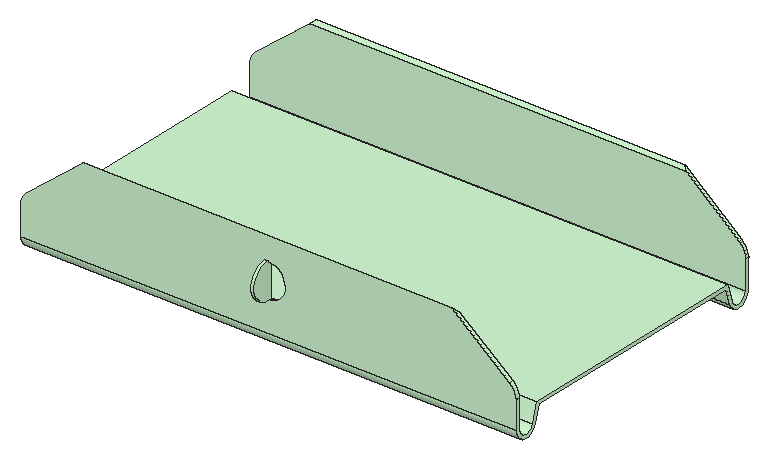
Revit family "CW-19用ジョイント", category 機械設備, Revit 2020
Family settings
  丸型コネクタ寸法 = 直径を使用
  種別 = なし
  パーツ タイプ = 標準
  作業面ベース = いいえ
  常に垂直 = はい
  ロード時にボイドで切り取り = いいえ
  共有 = いいえ
  部屋計算ポイント = いいえ
Parameters
  製造元 = "株式会社桐井製作所"
  既定の高さ = 0 mm
  URL = "https://www.kirii.co.jp/"
  K_材質 = "SGCC　一般用"
  K_品名 = "CW-19用ジョイント"
  K_名称 = "野縁ジョイント"
  K_単位質量(kg/個) = 0.029
  K_入数 = "200"
  K_バージョン情報 = "20210524"
  K_めっき付着量 = "Z12"
  K_JIS規格 = "JIS G 3302"
  K_JIS外 [instance] = not(K_JIS)  # no
  K_JIS [instance] = yes
Reference planes
  plane 1 "中心(正面/背面)": y = 0
  plane 2: z = 0
  plane 3 "中心(左/右)": x = 0
Forms (mm)
  Extrusion 1, solid
    sketch origin (0, 0, 0) x (0, 1, 0) y (0, 0, 1)
      loop
        line (20.385, 4.53) -> (-20.385, 4.53) -> (-21.352, 1.547)
        arc (-21.352, 1.547) -> (-22.967, 0.546) -> (-24.22, 1.976) r 1.47
        line (-24.22, 1.976) -> (-24.459, 16.547) -> (-25, 17.191) -> (-24.75, 1.967)
        arc (-24.75, 1.967) -> (-23.046, 0.022) -> (-20.847, 1.384) r 2
        line (-20.847, 1.384) -> (-20, 4) -> (20, 4) -> (20.847, 1.384)
        arc (20.847, 1.384) -> (23.046, 0.022) -> (24.75, 1.967) r 2
        line (24.75, 1.967) -> (25, 17.191) -> (24.459, 16.547) -> (24.22, 1.976)
        arc (24.22, 1.976) -> (22.967, 0.546) -> (21.352, 1.547) r 1.47
        line (21.352, 1.547) -> (20.385, 4.53)
    from -42.5 to 42.5
  Extrusion 2, solid
    sketch origin (0, -13.587, -0.882) x (0, 0.997137, -0.075613) y (0, 0.075613, 0.997137)
      loop
        arc (-12.378, 13.168) -> (-15.089, 9.905) -> (-11.826, 7.194) r 3
        line (-11.826, 7.194) -> (-12.378, 13.168)
    from -0.5 to 0
  Extrusion 3, void
    sketch origin (0, -13.071, 0.1) x (1, 0, 0) y (0, -0.008054, 0.999968)
      loop
        arc (0, 7.2) -> (3, 10.2) -> (0, 13.2) r 3
        line (0, 13.2) -> (0, 7.2)
    from 11 to 12
  Extrusion 4, void
    sketch origin (0, 0, 0) x (1, 0, 0) y (0, 0, 1)
      loop
        line (31.511, 17.191) -> (41.4, 9.1)
        arc (41.4, 9.1) -> (42.211, 8.063) -> (42.5, 6.778) r 3
        line (42.5, 6.778) -> (42.5, 17.191) -> (31.511, 17.191)
      loop
        line (-42.5, 17.191) -> (-42.5, 6.778)
        arc (-42.5, 6.778) -> (-42.211, 8.063) -> (-41.4, 9.1) r 3
        line (-41.4, 9.1) -> (-31.511, 17.191) -> (-42.5, 17.191)
    from -26 to 26
Cuts and joins
  Extrusion 3, Extrusion 4 cuts Extrusion 1
  joined: Extrusion 1, Extrusion 2
Dimensions and locks
  aligned and locked: level to plane 2
